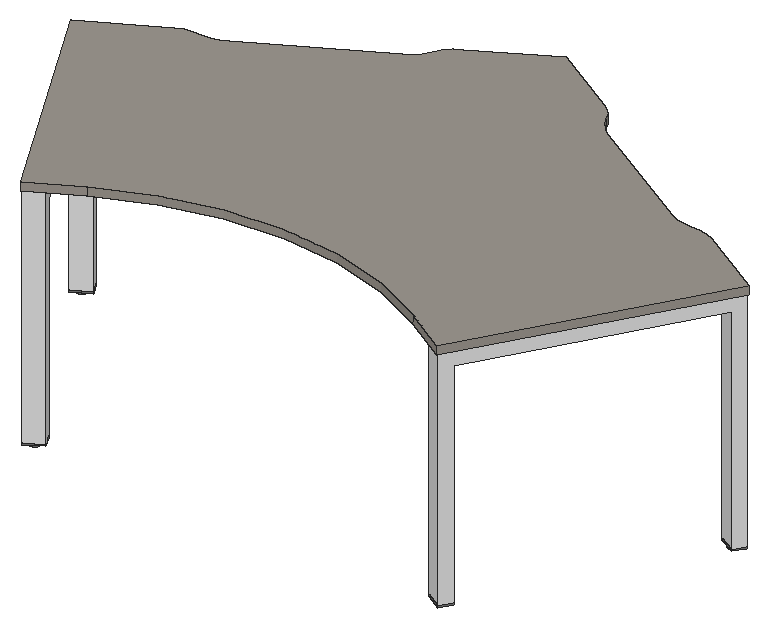
Revit family "120 Degree Symmetrical Workstation", category Furniture, Revit 2016
Family settings
  OmniClass Number = 23.40.20.00
  OmniClass Title = General Furniture and Specialties
  Work Plane-Based = No
  Always vertical = Yes
  Cut with Voids When Loaded = No
  Shared = No
  Room Calculation Point = No
Parameters
  URL = "www.gof.co.uk"
  Type Comments = ""
  Range = "MESA"
  Product Code = "MESW1208"
  Desktop = Gresham - Nordic Ash
  Model = ""
  Manufacturer = "Gresham Office Furniture"  # constant formula
  Frame = Gresham - Black Metal
  Foot = Gresham - Black Plastic
  Assembly Code = "E2020200"
Reference planes
  plane 1 "Center (Front/Back)": y = -58.397
  plane 2: z = 0
  plane 3 "Center (Left/Right)": x = 0
  plane 4 "Desktop Underside": z = 702
  plane 5 "Foot": z = 10
  plane 6: y = 588.013
  plane 7: y = -704.808
  plane 8: x = -1039.23
  plane 9: x = 1039.23
Forms (mm)
  Extrusion 1, solid, material "Gresham - Nordic Ash" <- "Desktop"
    sketch origin (-2813.985, 1941.512, 702) x (-1, 0, 0) y (0, -1, 0)
      loop
        line (-3030.492, 1478.5) -> (-2813.985, 1353.5) -> (-2597.479, 1478.5)
        arc (-2597.479, 1478.5) -> (-2568.541, 1501.862) -> (-2548.146, 1532.963) r 120
        arc (-2548.146, 1532.963) -> (-2527.751, 1564.064) -> (-2498.813, 1587.426) r 120
        line (-2498.813, 1587.426) -> (-2134.927, 1797.516)
        arc (-2134.927, 1797.516) -> (-2100.226, 1810.895) -> (-2063.094, 1813.008) r 120
        arc (-2063.094, 1813.008) -> (-2025.963, 1815.12) -> (-1991.261, 1828.5) r 120
        line (-1991.261, 1828.5) -> (-1774.755, 1953.5) -> (-2174.755, 2646.32) -> (-2313.985, 2565.935)
        arc (-2313.985, 2565.935) -> (-2813.985, 2431.961) -> (-3313.985, 2565.935) r 1000
        line (-3313.985, 2565.935) -> (-3453.216, 2646.32) -> (-3853.216, 1953.5) -> (-3636.709, 1828.5)
        arc (-3636.709, 1828.5) -> (-3602.008, 1815.12) -> (-3564.876, 1813.008) r 120
        arc (-3564.876, 1813.008) -> (-3527.745, 1810.895) -> (-3493.043, 1797.516) r 120
        line (-3493.043, 1797.516) -> (-3129.158, 1587.426)
        arc (-3129.158, 1587.426) -> (-3100.22, 1564.064) -> (-3079.825, 1532.963) r 120
        arc (-3079.825, 1532.963) -> (-3059.43, 1501.862) -> (-3030.492, 1478.5) r 120
    from 0 to 25
  Sweep 2, solid, material "Gresham - Black Metal" <- "Frame"
    path in 3D
      loop
        line (-785.104, -327.147, 702) -> (0, 126.132, 702) -> (785.104, -327.147, 702)
    profile origin (-392.552, -100.507, 702) x (-0.5, 0.866025, 0) y (0, 0, 1)
      loop
        line (20, 0) -> (-20, 0) -> (-20, -40) -> (20, -40) -> (20, 0)
  Extrusion 3, solid, material "Gresham - Black Metal" <- "Frame"
    sketch origin (48.06, 60.47, 702) x (-1, 0, 0) y (0, -1, 0)
      loop
        line (28.06, -457.543) -> (68.06, -457.543) -> (68.06, -417.543) -> (28.06, -417.543) -> (28.06, -457.543)
    from -692 to -3
  Extrusion 4, solid, material "Gresham - Black Metal" <- "Frame"
    sketch origin (0, 0, 702) x (-1, 0, 0) y (0, -1, 0)
      loop
        line (8.66, -548.013) -> (47.631, -480.513)
        arc (47.631, -480.513) -> (47.631, -470.513) -> (38.971, -465.513) r 10
        line (38.971, -465.513) -> (-38.971, -465.513)
        arc (-38.971, -465.513) -> (-47.631, -470.513) -> (-47.631, -480.513) r 10
        line (-47.631, -480.513) -> (-8.66, -548.013)
        arc (-8.66, -548.013) -> (0, -553.013) -> (8.66, -548.013) r 10
    from 0 to -3
  Extrusion 5, solid, material "Gresham - Black Plastic" <- "Foot"
    sketch origin (0, 0, 10) x (-1, 0, 0) y (0, -1, 0)
      loop
        line (-20, -518.013) -> (20, -518.013) -> (20, -478.013) -> (-20, -478.013) -> (-20, -518.013)
    from 0 to -5
  Extrusion 6, solid, material "Gresham - Black Plastic" <- "Foot"
    sketch origin (0, 0, 10) x (-1, 0, 0) y (0, -1, 0)
      loop
        circle (0, -498.013) r 18
    from -5 to -10
Lines and regions (mm)
  model lines
    curve 1: line (-785.104, -327.147, 702) -> (0, 126.132, 702)
    curve 2: line (785.104, -327.147, 702) -> (0, 126.132, 702)
  sketch lines
    curve 3: line (-785.104, -327.147, 702) -> (0, 126.132, 702)
    curve 4: line (785.104, -327.147, 702) -> (0, 126.132, 702)
Dimensions and locks
  locked: plane 4 "Desktop Underside" to plane 2 at 702
  locked: plane 2 to plane 5 "Foot" at 10
  plane 7 to plane 1 "Center (Front/Back)" to plane 6 = 646.41 mm, 646.41 mm
  Extrusion 1 sketch curve to Extrusion 1 sketch curve = 1200 mm  (x2)
  Extrusion 1 sketch curve to Extrusion 1 sketch curve = 800 mm  (x2)
  Extrusion 1 sketch curve to Extrusion 1 sketch curve = 250 mm  (x4)
  Extrusion 1 sketch curve to Extrusion 1 sketch curve = 45 mm  (x2)
  locked: Extrusion 1 to nested 1 at 2.5  (x2)
  locked: Extrusion 1 to nested 2 at 2.5  (x2)
  plane 8 to plane 9 = 2078.461 mm
  equal spacing: plane 8, plane 3 "Center (Left/Right)", plane 9
  Sweep 2 sketch curve to Extrusion 1 = 40 mm
  Sweep 2 sketch curve to Sweep 2 sketch curve = 40 mm
  plane 7 to plane 6 = 1292.82 mm
  nested 2 to level = 10 mm
  radius of Extrusion 6 sketch curve = 18 mm
  aligned and locked: level to plane 2
  aligned and locked: Extrusion 3 to Extrusion 4
  aligned and locked: Extrusion 6 to Extrusion 5
Automatic sketch dimensions
  Extrusion 1 sketch curve to plane 9 = 0 mm
  plane 7 to Extrusion 1 sketch curve = 0 mm  (x2)
  Extrusion 1 sketch curve to plane 3 "Center (Left/Right)" = 0 mm  (x2)
  plane 6 to Extrusion 1 sketch curve = 0 mm
  Extrusion 1 sketch curve to Extrusion 1 sketch curve = 60 mm  (x5)
  Extrusion 1 sketch curve to Extrusion 1 sketch curve = 83.666 mm
  Extrusion 1 sketch curve to plane 1 "Center (Front/Back)" = 202.394 mm  (x2)
  Extrusion 1 sketch curve to plane 7 = 80.385 mm  (x2)
  plane 6 to Extrusion 1 sketch curve = 130.003 mm
  plane 3 "Center (Left/Right)" to Extrusion 1 sketch curve = 375.173 mm
  plane 6 to Extrusion 1 sketch curve = 233.926 mm  (x2)
  plane 6 to Extrusion 1 sketch curve = 125 mm  (x2)
  Extrusion 1 sketch curve to plane 3 "Center (Left/Right)" = 156.506 mm
  Extrusion 1 sketch curve to Extrusion 1 sketch curve = 103.923 mm  (x5)
  Extrusion 1 sketch curve to plane 1 "Center (Front/Back)" = 67.487 mm  (x2)
  plane 7 to Extrusion 1 sketch curve = 785.641 mm
  profile plane to Sweep 2 sketch curve = 0 mm
  profile plane to Sweep 2 sketch curve = 20 mm
  plane 3 "Center (Left/Right)" to Extrusion 3 sketch curve = 20 mm
  Extrusion 3 sketch curve to Extrusion 3 sketch curve = 40 mm  (x2)
  plane 6 to Extrusion 3 sketch curve = 70 mm
  plane 3 "Center (Left/Right)" to Extrusion 4 sketch curve = 47.631 mm
  Extrusion 4 sketch curve to Extrusion 4 sketch curve = 8.66 mm  (x4)
  Extrusion 4 sketch curve to Extrusion 4 sketch curve = 38.971 mm
  Extrusion 4 sketch curve to Extrusion 4 sketch curve = 77.942 mm
  plane 6 to Extrusion 4 sketch curve = 40 mm
  Extrusion 4 sketch curve to Extrusion 4 sketch curve = 5 mm  (x2)
  Extrusion 4 sketch curve to Extrusion 4 sketch curve = 67.5 mm
  Extrusion 4 sketch curve to Extrusion 4 sketch curve = 15 mm
  plane 3 "Center (Left/Right)" to Extrusion 5 sketch curve = 20 mm
  Extrusion 5 sketch curve to plane 3 "Center (Left/Right)" = 20 mm
  plane 6 to Extrusion 5 sketch curve = 70 mm
  Extrusion 5 sketch curve to Extrusion 5 sketch curve = 40 mm
  curve 2 to plane 3 "Center (Left/Right)" = 0 mm
  curve 2 to plane 1 "Center (Front/Back)" = 184.53 mm
  curve 2 to plane 9 = 254.127 mm
  plane 8 to curve 1 = 254.127 mm
  plane 1 "Center (Front/Back)" to curve 2 = 268.75 mm
  plane 1 "Center (Front/Back)" to curve 1 = 268.75 mm
  Extrusion 6 sketch curve to plane 3 "Center (Left/Right)" = 0 mm
  plane 6 to Extrusion 6 sketch curve = 90 mm
Nested families
  nested 1: "800 Mesa Leg" at (392.82, -331.603, 0) x (0.866, -0.5, 0) z (0, 0, 1), type "800 Mesa Leg"
  nested 2: "800 Mesa Leg" at (-392.82, -331.603, 0) x (-0.866, -0.5, 0) z (0, 0, 1), type "800 Mesa Leg"
Definition of nested family "800 Mesa Leg"
  Parameters (values of type "800 Mesa Leg")
    Width = 800 mm
    URL = "www.gof.co.uk"
    Type Comments = ""
    Range = "MESA"
    Product Code = "800 Leg"
    Model = ""
    Manufacturer = "Gresham Office Furniture"  # constant formula
    Frame = none
    Foot = none
    Assembly Code = "E2020200"
  Reference planes
    plane 1 "Center (Front/Back)": y = 200
    plane 2: z = 0
    plane 3 "Center (Left/Right)": x = 0
    plane 4: x = -400
    plane 5: x = 400
    plane 6 "Desktop Underside": z = 702
    plane 7: y = 600
    plane 8: y = -200
    plane 9 "Foot": z = 10
  Forms (mm)
    Extrusion 1, solid, material <- "Frame"
      sketch origin (997.5, 311.693, 702) x (0, -1, 0) y (0, 0, 1)
        loop
          line (-16.394, 0) -> (-285.807, 0) -> (-285.807, -692) -> (-245.807, -692) -> (-245.807, -40) -> (469.193, -40) -> (469.193, -692) -> (509.193, -692) -> (509.193, 0) -> (-16.394, 0)
      from 600 to 660
    Extrusion 2, solid, material <- "Foot"
      sketch origin (481.991, 484.546, 10) x (-0.707107, 0.707107, 0) y (-0.707107, -0.707107, 0)
        loop
          line (-380.109, 584.45) -> (-422.535, 542.023) -> (-394.251, 513.739) -> (-351.824, 556.165) -> (-380.109, 584.45)
        loop
          line (182.041, 22.3) -> (153.757, 50.584) -> (111.331, 8.158) -> (139.615, -20.127) -> (182.041, 22.3)
      from 0 to -5
    Extrusion 3, solid
      sketch origin (487.674, 479.532, 0) x (0.707107, -0.707107, 0) y (0.707107, 0.707107, 0)
        loop
          circle (-154.25, -15.702) r 18
        loop
          circle (379.616, -549.567) r 18
      from 0 to 5
  Dimensions and locks
    locked: plane 6 "Desktop Underside" to plane 2 at 702
    equal spacing: plane 4, plane 3 "Center (Left/Right)", plane 5
    "Width": plane 4 to plane 5
    equal spacing: plane 7, plane 1 "Center (Front/Back)", plane 8
    locked: plane 7 to plane 8 at 800
    Extrusion 1 sketch curve to Extrusion 1 sketch curve = 40 mm  (x2)
    locked: Extrusion 1 to plane 8 at 2.5
    locked: plane 7 to Extrusion 1 at 2.5
    Extrusion 1 to Extrusion 2 sketch curve = 40 mm
    locked: Extrusion 1 to Extrusion 1 at 60
    locked: Extrusion 1 to plane 5 at 2.5
    locked: Extrusion 3 sketch curve to plane 5 at 32.5
    locked: plane 7 to Extrusion 3 sketch curve at 22.5
    aligned and locked: level to plane 2
  Automatic sketch dimensions
    Extrusion 1 sketch curve to plane 6 "Desktop Underside" = 0 mm
    Extrusion 1 sketch curve to plane 9 "Foot" = 0 mm  (x2)
    Extrusion 1 sketch curve to plane 1 "Center (Front/Back)" = 128.087 mm
    plane 5 to Extrusion 2 sketch curve = 2.5 mm
    plane 8 to Extrusion 2 sketch curve = 2.5 mm
    Extrusion 2 sketch curve to Extrusion 2 sketch curve = 28.284 mm  (x3)
    Extrusion 2 sketch curve to Extrusion 2 sketch curve = 42.426 mm  (x2)
    Extrusion 2 sketch curve to Extrusion 2 sketch curve = 505.581 mm
    Extrusion 1 sketch curve to plane 7 = 42.5 mm
    plane 8 to Extrusion 1 sketch curve = 42.5 mm
    Extrusion 1 sketch curve to plane 6 "Desktop Underside" = 40 mm
    Extrusion 3 sketch curve to Extrusion 3 sketch curve = 533.866 mm  (x2)
    radius of Extrusion 3 sketch curve = 18 mm  (x2)
